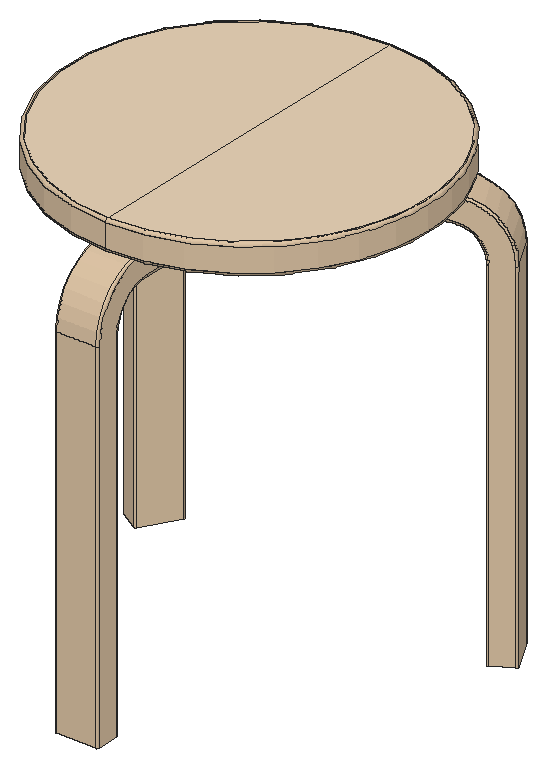
Revit family "Artek_Stools_Stool 60_Stool 60_configurable_product", category Furniture, Revit 2017
Family settings
  OmniClass Number = 23.40.20.14.14.11
  OmniClass Title = Chairs
  Work Plane-Based = No
  Always vertical = Yes
  Cut with Voids When Loaded = No
  Shared = No
  Room Calculation Point = No
Parameters (values of type "Stool 60 (configurable)")
  WarrantyStartDate [instance] = "n/a"
  WarrantyGuarantorParts = "n/a"
  WarrantyGuarantorLabor = "n/a"
  WarrantyDurationUnit = "n/a"
  WarrantyDurationParts = "n/a"
  WarrantyDurationLabor = "n/a"
  WarrantyDescription = "n/a"
  VersionDate = "12/11/2020"  # constant formula
  Version = "1"  # constant formula
  Uniclass2015Reference = "Pr_40_50_51_31"
  Uniclass2015Description = "Foot stools"
  Uniclass2 = "Pr_40_50_12_83"
  URL = "https://www.artek.fi/en/products/stool-60 "
  Type Comments = ""
  TagNumber [instance] = "n/a"
  SustainabilityPerformance = "n/a"
  Style = "n/a"
  Size = "380x380x440mm"
  Shape = "Sculptured"
  SerialNumber [instance] = "n/a"
  SeatingHeight = 440 mm
  SeatMaterial [instance] = Birch Veneer
  SeatBandMaterial [instance] = Natural Lacquered
  Revision = "1"  # constant formula
  ReplacementCost = "n/a"
  ProductInformation = "Alvar Aalto’s iconic Stool 60 is the most elemental of furniture pieces, equally suitable as a seat, a table, storage unit, or display surface. The legs are mounted directly to the underside of the round seat without the need for complicated connecting elements. Thanks to its geometry, the stool can be stacked to save space in a spiralling tower sculpture. Manufactured in 42 production steps at the A-Factory in Turku, Finland, Stool 60 is available in a wide variety of colours and finishes. Several million units of Stool 60 and its four-legged cousin, Stool E60, have been sold, making it one of the most cherished products in the history of design."
  NominalLength = 380 mm
  NominalHeight = 440 mm
  NominalDepth = 380 mm
  Name = "Stool_60"  # constant formula
  NBSReference = "45-35-20/365"
  NBSDescription = "Domestic chairs"
  ModelReference = "n/a"
  ModelNumber = "280001*"
  Material = "Wood/Fabric/Textile"
  ManufacturerURL = "https://www.artek.fi/"
  ManufacturerName = "Artek"
  Model = "Stool 60"
  Manufacturer = "Artek"
  MainColor = "Various"
  LegsMaterial [instance] = Natural Lacquered
  InstallationDate [instance] = "n/a"
  IfcExportType = "CHAIR"  # constant formula
  IfcExportAs = "IfcFurnishingElementType"  # constant formula
  Grade = "n/a"
  Finish = "Three legs and seat edge-band:\r\nSolid birch\r\nSeat core versions:\r\nSolid birch, Birch plywood\r\nSeat surface versions:\r\nBirch veneer, High-pressure laminate, Linoleum, Fabric upholstery and PU foam padding, Leather upholstery and PU foam padding, Leather upholstery"
  Features = "Stool 60 can be stacked to create a spiralling tower of design classics Made of solid birch in Finland The simple geometry of Stool 60 has an elemental power"
  ExpectedLife = "n/a"
  DurationUnit = "Years"
  Designer = "Alvar Aalto"
  Description = "Alvar Aalto’s iconic Stool 60 is the most elemental of furniture pieces, equally suitable as a seat, a table, storage unit, or display surface. The legs are mounted directly to the underside of the round seat without the need for complicated connecting elements. Thanks to its geometry, the stool can be stacked to save space in a spiralling tower sculpture. Manufactured in 42 production steps at the A-Factory in Turku, Finland, Stool 60 is available in a wide variety of colours and finishes. Several million units of Stool 60 and its four-legged cousin, Stool E60, have been sold, making it one of the most cherished products in the history of design."
  Cost = 0
  ConvergoRefNr = "n/a"
  Constituents = "n/a"
  Color = "Various"
  Collection = "Stool 60"
  CodePerformance = "n/a"
  Barcode [instance] = "n/a"
  AssetIdentifier [instance] = "n/a"
  Category = "Stools"
  Brand = "Artek"
  BIMObjectName = "Furniture_Chairs_Artek_Stool_60"  # constant formula
  Author = "Convergo AB"  # constant formula
  AssetType = "Movable"
  AccessibilityPerformance = "n/a"
Reference planes
  plane 1 "Center (Front/Back)": y = 0
  plane 2: z = 0
  plane 3 "Center (Left/Right)": x = 0
  plane 4: z = 440
  plane 5: z = 440
  plane 6: y = 193
  plane 7: y = -193
  plane 8: x = 192.5
  plane 9: x = -192.5
Forms (mm)
  Revolve 1, solid, material "Birch Veneer" <- "SeatMaterial", detail levels medium+fine
    sketch origin (0, 0, 0) x (0, 1, 0) y (0, 0, 1)
      loop
        line (190, 440) -> (18, 440) -> (18, 436) -> (190, 436) -> (190, 440)
      axis (18, 440) -> (18, 436)
    angle from 0 to 360
  Extrusion 2, solid, material "Birch Veneer" <- "SeatMaterial", detail levels coarse
    sketch origin (0, 0, 0) x (1, 0, 0) y (0, 1, 0)
      loop
        line (-192.5, 193) -> (-192.5, -193) -> (192.5, -193) -> (192.5, 193) -> (-192.5, 193)
    from 440 to 0
  Sweep 3, solid, material "Natural Lacquered" <- "LegsMaterial", detail levels medium+fine
    path origin (0, 0, 0) x (0, 1, 0) y (0, 0, 1)
      loop
        line (-168, 0) -> (-168, 351.014)
        arc (-168, 351.014) -> (-157.749, 375.763) -> (-133, 386.014) r 35
        line (-133, 386.014) -> (-55.593, 386.014)
    profile origin (0, -168, 175.507) x (0, -1, 0) y (1, 0, 0)
      loop
        arc (-0.004, -19.001) -> (0.582, -20.415) -> (1.996, -21.001) r 2
        line (1.996, -21.001) -> (22.996, -21.001)
        arc (22.996, -21.001) -> (24.41, -20.415) -> (24.996, -19.001) r 2
        line (24.996, -19.001) -> (24.996, 18.999)
        arc (24.996, 18.999) -> (24.41, 20.414) -> (22.996, 20.999) r 2
        line (22.996, 20.999) -> (1.996, 20.999)
        arc (1.996, 20.999) -> (0.582, 20.414) -> (-0.004, 18.999) r 2
        line (-0.004, 18.999) -> (-0.004, -19.001)
  Sweep 4, solid, material "Natural Lacquered" <- "LegsMaterial", detail levels medium+fine
    path origin (15.594, 27.01, 0) x (-0.866025, -0.5, 0) y (0, 0, 1)
      loop
        line (-168, 0) -> (-168, 351.014)
        arc (-168, 351.014) -> (-157.749, 375.763) -> (-133, 386.014) r 35
        line (-133, 386.014) -> (-55.593, 386.014)
    profile origin (161.086, 111.01, 175.507) x (0.866025, 0.5, 0) y (-0.5, 0.866025, 0)
      loop
        arc (-0.004, -19.001) -> (0.582, -20.415) -> (1.996, -21.001) r 2
        line (1.996, -21.001) -> (22.996, -21.001)
        arc (22.996, -21.001) -> (24.41, -20.415) -> (24.996, -19.001) r 2
        line (24.996, -19.001) -> (24.996, 18.999)
        arc (24.996, 18.999) -> (24.41, 20.414) -> (22.996, 20.999) r 2
        line (22.996, 20.999) -> (1.996, 20.999)
        arc (1.996, 20.999) -> (0.582, 20.414) -> (-0.004, 18.999) r 2
        line (-0.004, 18.999) -> (-0.004, -19.001)
  Sweep 5, solid, material "Natural Lacquered" <- "LegsMaterial", detail levels medium+fine
    path origin (-15.594, 27.01, 0) x (0.866025, -0.5, 0) y (0, 0, 1)
      loop
        line (-168, 0) -> (-168, 351.014)
        arc (-168, 351.014) -> (-157.749, 375.763) -> (-133, 386.014) r 35
        line (-133, 386.014) -> (-55.593, 386.014)
    profile origin (-161.086, 111.01, 175.507) x (-0.866025, 0.5, 0) y (-0.5, -0.866025, 0)
      loop
        arc (-0.004, -19.001) -> (0.582, -20.415) -> (1.996, -21.001) r 2
        line (1.996, -21.001) -> (22.996, -21.001)
        arc (22.996, -21.001) -> (24.41, -20.415) -> (24.996, -19.001) r 2
        line (24.996, -19.001) -> (24.996, 18.999)
        arc (24.996, 18.999) -> (24.41, 20.414) -> (22.996, 20.999) r 2
        line (22.996, 20.999) -> (1.996, 20.999)
        arc (1.996, 20.999) -> (0.582, 20.414) -> (-0.004, 18.999) r 2
        line (-0.004, 18.999) -> (-0.004, -19.001)
  Revolve 6, solid, material "Natural Lacquered" <- "SeatBandMaterial", detail levels medium+fine
    sketch origin (0, 0, 0) x (0, 1, 0) y (0, 0, 1)
      loop
        line (18, 436) -> (18, 411.014) -> (190, 411.014)
        arc (190, 411.014) -> (192.121, 411.893) -> (193, 414.014) r 3
        line (193, 414.014) -> (193, 437)
        arc (193, 437) -> (192.121, 439.121) -> (190, 440) r 3
        line (190, 440) -> (190, 436) -> (18, 436)
      axis (18, 440) -> (18, 411.014)
    angle from 0 to 360
Lines and regions (mm)
  symbolic lines, detail levels medium+fine
    curve 1: line (0, 0, 440) -> (-171.58, 0, 440)
    curve 3: line (-174.58, 0, 437) -> (-174.58, 0, 414)
    curve 4: line (-0.001, 0, 0) -> (-21.001, 0, 0)
    curve 5: line (-21.001, 0, 0) -> (-21.001, 0, 411)
    curve 6: line (-51.198, 0, 411) -> (-51.198, 0, 386.804)
    curve 7: line (-51.198, 0, 386.804) -> (-74.775, 0, 386.804)
    curve 10: line (-147.349, 0, 336.268) -> (-147.349, 0, 0)
    curve 11: line (-190, 0, 0) -> (-147.349, 0, 0)
    curve 12: line (-190, 0, 336) -> (-190, 0, 0)
    curve 14: line (-104.048, 0, 386.804) -> (-74.775, 0, 386.804)
    curve 15: line (-144.801, 0, 411) -> (-171.58, 0, 411)
    curve 18: line (-21.001, 0, 411) -> (-51.198, 0, 411)
    curve 19: line (0, 0, 440) -> (0, 190, 440)
    curve 20: line (0, 193, 437) -> (0, 193, 414.014)
    curve 21: arc (0, 190, 440) -> (0, 192.121, 439.121) -> (0, 193, 437) r 3
    curve 22: arc (0, 193, 414.014) -> (0, 192.121, 411.893) -> (0, 190, 411.014) r 3
    curve 23: line (0, 190, 411.014) -> (0, 112.659, 411.014)
    curve 24: line (0, 0, 440) -> (0, -154.082, 440)
    curve 25: line (0, 0, 411.014) -> (0, -55.593, 411.014)
    curve 26: line (0, -157.082, 437) -> (0, -157.082, 414.033)
    curve 27: line (0, 32.919, 386.8) -> (0, 68.559, 386.8)
    curve 28: line (0, 32.919, 386.8) -> (0, 32.919, 411.014)
    curve 29: line (0, 138.153, 0) -> (0, 138.153, 332.425)
    curve 31: line (0, 89.094, 0) -> (0, 89.094, 332.546)
    curve 32: line (0, 89.094, 0) -> (0, 102.77, 0)
    curve 33: line (0, -133, 386.014) -> (0, -55.593, 386.014)
    curve 34: arc (0, -168, 351.014) -> (0, -157.749, 375.763) -> (0, -133, 386.014) r 35
    curve 35: line (0, -168, 0) -> (0, -168, 351.014)
    curve 36: line (0, -193, 351.014) -> (0, -193, 0)
    curve 37: line (0, -193, 0) -> (0, -168, 0)
    curve 41: line (0, -133, 411.033) -> (0, -154.082, 411.033)
    curve 42: line (0, 32.919, 411.014) -> (0, 0, 411.014)
    curve 43: line (0, 102.77, 0) -> (0, 138.153, 0)
    curve 44: arc (0, -154.082, 440) -> (0, -156.203, 439.121) -> (0, -157.082, 437) r 3
    curve 45: arc (0, -157.082, 414.033) -> (0, -156.203, 411.912) -> (0, -154.082, 411.033) r 3
    curve 46: arc (0, 138.153, 332.425) -> (0, 137.011, 354.91) -> (0, 133.597, 377.163) r 221.937
    curve 47: arc (0, 133.597, 377.163) -> (0, 131.095, 386.524) -> (0, 127.521, 395.531) r 83.229
    curve 48: arc (0, 127.521, 395.531) -> (0, 121.375, 404.506) -> (0, 112.659, 411.014) r 33.214
    curve 52: arc (0, 89.094, 332.546) -> (0, 87.908, 352.961) -> (0, 84.363, 373.1) r 176.178
    curve 53: arc (0, 84.363, 373.1) -> (0, 83.945, 374.682) -> (0, 83.445, 376.241) r 31.302
    curve 54: arc (0, 83.445, 376.241) -> (0, 77.684, 383.892) -> (0, 68.559, 386.8) r 15.772
    curve 55: arc (-174.58, 0, 437) -> (-173.701, 0, 439.121) -> (-171.58, 0, 440) r 3
    curve 56: arc (-174.58, 0, 414) -> (-173.701, 0, 411.879) -> (-171.58, 0, 411) r 3
    curve 57: arc (-181.521, 0, 381.7) -> (-187.862, 0, 359.24) -> (-190, 0, 336) r 127.394
    curve 58: arc (-157.715, 0, 407.6) -> (-172.084, 0, 396.917) -> (-181.521, 0, 381.7) r 47.854
    curve 59: arc (-144.801, 0, 411) -> (-151.423, 0, 409.927) -> (-157.715, 0, 407.6) r 34.691
    curve 62: arc (-140.008, 0, 371.6) -> (-145.495, 0, 354.311) -> (-147.349, 0, 336.268) r 88.693
    curve 63: arc (-121.527, 0, 386.804) -> (-132.598, 0, 381.427) -> (-140.008, 0, 371.6) r 26.284
    curve 65: line (-121.527, 0, 386.804) -> (-104.048, 0, 386.804)
    curve 66: line (0, 0, 440) -> (171.58, 0, 440)
    curve 68: line (174.58, 0, 437) -> (174.58, 0, 414)
    curve 69: line (-0.001, 0, 0) -> (21.001, 0, 0)
    curve 70: line (21.001, 0, 0) -> (21.001, 0, 411)
    curve 71: line (51.198, 0, 411) -> (51.198, 0, 386.804)
    curve 72: line (51.198, 0, 386.804) -> (74.775, 0, 386.804)
    curve 75: line (147.349, 0, 336.268) -> (147.349, 0, 0)
    curve 76: line (190, 0, 0) -> (147.349, 0, 0)
    curve 77: line (190, 0, 336) -> (190, 0, 0)
    curve 79: line (104.048, 0, 386.804) -> (74.775, 0, 386.804)
    curve 80: line (144.801, 0, 411) -> (171.58, 0, 411)
    curve 83: line (21.001, 0, 411) -> (51.198, 0, 411)
    curve 84: arc (174.58, 0, 437) -> (173.701, 0, 439.121) -> (171.58, 0, 440) r 3
    curve 85: arc (174.58, 0, 414) -> (173.701, 0, 411.879) -> (171.58, 0, 411) r 3
    curve 86: arc (181.521, 0, 381.7) -> (187.862, 0, 359.24) -> (190, 0, 336) r 127.394
    curve 87: arc (157.715, 0, 407.6) -> (172.084, 0, 396.917) -> (181.521, 0, 381.7) r 47.854
    curve 88: arc (144.801, 0, 411) -> (151.423, 0, 409.927) -> (157.715, 0, 407.6) r 34.691
    curve 91: arc (140.008, 0, 371.6) -> (145.495, 0, 354.311) -> (147.349, 0, 336.268) r 88.693
    curve 92: arc (121.527, 0, 386.804) -> (132.598, 0, 381.427) -> (140.008, 0, 371.6) r 26.284
    curve 94: line (121.527, 0, 386.804) -> (104.048, 0, 386.804)
    curve 95: arc (-160.983, 86.632, 0) -> (-151.524, -69.546, 0) -> (-20.939, -155.736, 0) r 175
    curve 96: line (192.2, 107.119, 0) -> (173.189, 140.022, 0)
    curve 97: line (170.456, 140.753, 0) -> (139.923, 123.11, 0)
    curve 98: line (160.935, 86.744, 0) -> (191.469, 104.387, 0)
    curve 99: line (-139.996, 123.012, 0) -> (-170.569, 140.649, 0)
    curve 100: line (-191.529, 104.253, 0) -> (-160.983, 86.632, 0)
    curve 101: line (-173.258, 139.928, 0) -> (-192.262, 106.985, 0)
    curve 102: line (-20.939, -155.736, 0) -> (-20.927, -191.001, 0)
    curve 103: line (-18.926, -193, 0) -> (19.074, -192.987, 0)
    curve 104: line (21.073, -190.986, 0) -> (21.061, -155.721, 0)
    curve 105: arc (-170.569, 140.649, 0) -> (-172.063, 140.845, 0) -> (-173.258, 139.928, 0) r 1.969
    curve 106: arc (-192.262, 106.985, 0) -> (-192.462, 105.467, 0) -> (-191.529, 104.253, 0) r 2
    curve 107: arc (170.456, 140.753, 0) -> (171.974, 140.953, 0) -> (173.189, 140.022, 0) r 2
    curve 108: arc (192.2, 107.119, 0) -> (192.401, 105.602, 0) -> (191.469, 104.387, 0) r 2
    curve 109: arc (-20.927, -191.001, 0) -> (-20.341, -192.415, 0) -> (-18.926, -193, 0) r 2
    curve 110: arc (19.074, -192.987, 0) -> (20.488, -192.4, 0) -> (21.073, -190.986, 0) r 2
    curve 112: arc (139.923, 123.11, 0) -> (-0.061, 193.007, 0) -> (-139.996, 123.012, 0) r 175
    curve 115: arc (21.061, -155.721, 0) -> (151.585, -69.44, 0) -> (160.935, 86.744, 0) r 175
    curve 117: arc (0, -193, 351.014) -> (0, -175.426, 393.441) -> (0, -133, 411.014) r 60
  symbolic lines, detail levels fine
    curve 2: line (-0.001, 0, 411) -> (-21.001, 0, 411)
    curve 8: line (-74.775, 0, 386.804) -> (-74.775, 0, 411)
    curve 9: line (-168.349, 0, 0) -> (-168.349, 0, 336.804)
    curve 13: line (-141.47, 0, 386.804) -> (-121.527, 0, 386.804)
    curve 16: line (-74.775, 0, 411) -> (-144.801, 0, 411)
    curve 17: line (-51.198, 0, 411) -> (-74.775, 0, 411)
    curve 30: line (0, 102.77, 336) -> (0, 102.77, 0)
    curve 38: line (0, 115.687, 411.014) -> (0, 79.771, 411.014)
    curve 39: line (0, 79.771, 411.014) -> (0, 32.919, 411.014)
    curve 40: line (0, -55.593, 411.014) -> (0, -133, 411.014)
    curve 49: arc (0, 98.063, 381.9) -> (0, 101.59, 359.07) -> (0, 102.77, 336) r 226.15
    curve 50: arc (0, 84.394, 407.8) -> (0, 93.062, 395.817) -> (0, 98.063, 381.9) r 52.76
    curve 51: arc (0, 79.033, 411.014) -> (0, 81.927, 409.763) -> (0, 84.394, 407.8) r 11.985
    curve 60: arc (-168.349, 0, 336.804) -> (-167.571, 0, 349.646) -> (-165.246, 0, 362.3) r 106.289
    curve 61: arc (-165.246, 0, 362.3) -> (-162.594, 0, 370.155) -> (-158.675, 0, 377.46) r 49.77
    curve 64: arc (-158.675, 0, 377.46) -> (-151.259, 0, 384.317) -> (-141.47, 0, 386.804) r 20.513
    curve 67: line (-0.001, 0, 411) -> (21.001, 0, 411)
    curve 73: line (74.775, 0, 386.804) -> (74.775, 0, 411)
    curve 74: line (168.349, 0, 0) -> (168.349, 0, 336.804)
    curve 78: line (141.47, 0, 386.804) -> (121.527, 0, 386.804)
    curve 81: line (74.775, 0, 411) -> (144.801, 0, 411)
    curve 82: line (51.198, 0, 411) -> (74.775, 0, 411)
    curve 89: arc (168.349, 0, 336.804) -> (167.571, 0, 349.646) -> (165.246, 0, 362.3) r 106.289
    curve 90: arc (165.246, 0, 362.3) -> (162.594, 0, 370.155) -> (158.675, 0, 377.46) r 49.77
    curve 93: arc (158.675, 0, 377.46) -> (151.259, 0, 384.317) -> (141.47, 0, 386.804) r 20.513
    curve 111: arc (-139.996, 123.012, 0) -> (-151.585, 105.454, 0) -> (-160.983, 86.632, 0) r 175
    curve 113: arc (160.935, 86.744, 0) -> (151.524, 105.56, 0) -> (139.923, 123.11, 0) r 175
    curve 114: arc (-20.939, -155.736, 0) -> (0.061, -156.993, 0) -> (21.061, -155.721, 0) r 175
  symbolic lines
    curve 116: line (0, -55.593, 411.014) -> (0, -55.593, 386.014)
Dimensions and locks
  "NominalHeight": plane 4 to level
  "SeatingHeight": plane 5 to level
  aligned and locked: level to plane 2
Automatic sketch dimensions
  profile plane to Sweep 3 sketch curve = 0.004 mm
  Sweep 3 sketch curve to profile plane = 1.996 mm  (x2)
  Sweep 3 sketch curve to Sweep 3 sketch curve = 21 mm
  Sweep 3 sketch curve to Sweep 3 sketch curve = 2 mm
  Sweep 3 sketch curve to plane 3 "Center (Left/Right)" = 21.001 mm
  plane 3 "Center (Left/Right)" to Sweep 3 sketch curve = 18.999 mm  (x2)
  curve 12 to level = 0 mm
  curve 1 to plane 4 = 0 mm
  curve 5 to level = 0 mm
  curve 1 to plane 3 "Center (Left/Right)" = 0 mm
  curve 75 to level = 0 mm
  curve 3 to curve 56 = 3 mm
  curve 3 to curve 55 = 3 mm
  curve 9 to curve 11 = 21 mm
  curve 56 to curve 16 = 26.779 mm
  curve 15 to curve 59 = 2.21 mm
  curve 59 to curve 64 = 1.121 mm
  curve 64 to curve 58 = 4.617 mm
  curve 64 to curve 65 = 19.942 mm
  curve 58 to curve 61 = 19.923 mm
  curve 61 to curve 63 = 1.03 mm
  curve 63 to curve 65 = 17.479 mm
  curve 14 to curve 8 = 29.273 mm
  curve 7 to curve 57 = 12.169 mm
  curve 57 to curve 60 = 0.545 mm
  curve 60 to curve 62 = 3.404 mm
  curve 7 to curve 6 = 23.576 mm
  curve 5 to plane 3 "Center (Left/Right)" = 21.001 mm
  curve 2 to plane 3 "Center (Left/Right)" = 0.001 mm
  curve 4 to plane 3 "Center (Left/Right)" = 0.001 mm
  plane 3 "Center (Left/Right)" to curve 70 = 21.001 mm
  curve 67 to curve 82 = 30.198 mm
  curve 71 to curve 91 = 7.458 mm
  curve 91 to curve 89 = 3.404 mm
  curve 89 to curve 86 = 0.545 mm
  curve 71 to curve 73 = 23.576 mm
  curve 72 to curve 94 = 29.273 mm
  curve 94 to curve 92 = 11.851 mm
  curve 92 to curve 90 = 1.03 mm
  curve 94 to curve 94 = 17.479 mm
  curve 92 to curve 87 = 20.953 mm
  curve 87 to curve 93 = 4.617 mm
  curve 93 to curve 88 = 1.121 mm
  curve 78 to curve 81 = 3.331 mm
  curve 75 to curve 74 = 21 mm
  curve 84 to plane 4 = 3 mm
  curve 80 to curve 85 = 3 mm
  curve 77 to curve 68 = 101 mm
  curve 57 to plane 4 = 104 mm
  curve 57 to curve 10 = 0.268 mm
  curve 86 to curve 91 = 0.268 mm
  curve 62 to curve 9 = 0.536 mm
  curve 75 to curve 74 = 0.536 mm
  curve 62 to curve 61 = 14.094 mm
  curve 75 to curve 90 = 14.094 mm
  curve 90 to curve 92 = 10.768 mm
  curve 61 to curve 63 = 10.768 mm
  curve 87 to curve 91 = 7.066 mm
  curve 58 to curve 62 = 7.066 mm
  curve 58 to curve 64 = 1.758 mm
  curve 87 to curve 93 = 1.758 mm
  curve 91 to curve 88 = 4.779 mm
  curve 62 to curve 59 = 4.779 mm
  curve 88 to curve 78 = 10.425 mm
  curve 59 to curve 65 = 10.425 mm
  curve 67 to plane 4 = 29 mm
  curve 58 to curve 57 = 0 mm
  curve 61 to curve 60 = 0 mm
  curve 87 to curve 88 = 0 mm
  curve 90 to curve 93 = 0 mm
  plane 1 "Center (Front/Back)" to Extrusion 2 sketch curve = 193 mm
  Extrusion 2 sketch curve to plane 1 "Center (Front/Back)" = 193 mm
  curve 69 to curve 75 = 126.349 mm
  curve 87 to curve 84 = 13.865 mm
  curve 89 to curve 77 = 21.651 mm
  plane 3 "Center (Left/Right)" to Extrusion 2 sketch curve = 192.5 mm
  curve 17 to curve 2 = 30.198 mm
  curve 10 to curve 4 = 126.349 mm
  curve 11 to curve 9 = 21.651 mm
  Extrusion 2 sketch curve to plane 3 "Center (Left/Right)" = 192.5 mm
  Sweep 3 sketch curve to level = 0 mm
  Sweep 3 sketch curve to plane 7 = 25 mm
  Sweep 3 sketch curve to plane 4 = 88.986 mm
  Sweep 3 sketch curve to Sweep 3 sketch curve = 35 mm
  plane 1 "Center (Front/Back)" to Sweep 3 sketch curve = 55.593 mm
  curve 34 to curve 117 = 0 mm  (x2)
  curve 37 to level = 0 mm
  curve 37 to plane 7 = 0 mm
  curve 24 to plane 4 = 0 mm
  curve 19 to plane 1 "Center (Front/Back)" = 0 mm
  curve 42 to plane 1 "Center (Front/Back)" = 0 mm
  curve 32 to level = 0 mm
  curve 20 to plane 6 = 0 mm
  curve 35 to plane 7 = 25 mm
  curve 26 to plane 7 = 35.918 mm
  curve 26 to curve 45 = 3 mm
  curve 26 to curve 24 = 3 mm
  curve 41 to curve 40 = 21.082 mm
  curve 117 to curve 49 = 9.62 mm
  curve 49 to curve 52 = 36.296 mm
  curve 52 to curve 46 = 3.299 mm
  plane 1 "Center (Front/Back)" to curve 116 = 55.593 mm
  curve 28 to plane 1 "Center (Front/Back)" = 32.919 mm
  curve 27 to curve 50 = 13.482 mm
  curve 50 to curve 47 = 5.675 mm
  curve 47 to curve 53 = 1.825 mm
  curve 53 to curve 54 = 14.657 mm
  curve 54 to curve 51 = 7.205 mm
  curve 51 to curve 38 = 4.008 mm
  curve 54 to curve 31 = 20.536 mm
  curve 51 to curve 48 = 21.65 mm
  curve 31 to curve 30 = 13.676 mm
  curve 30 to curve 43 = 35.383 mm
  curve 22 to plane 6 = 3 mm
  curve 19 to plane 6 = 3 mm
  curve 29 to plane 4 = 107.575 mm
  curve 46 to curve 52 = 0.121 mm
  curve 52 to curve 49 = 3.454 mm
  curve 49 to curve 117 = 15.014 mm
  curve 31 to curve 47 = 27.84 mm
  curve 47 to curve 53 = 5.509 mm
  curve 53 to curve 54 = 5.133 mm
  curve 53 to curve 50 = 5.297 mm
  curve 48 to curve 49 = 0.394 mm
  curve 54 to curve 27 = 15.772 mm
  curve 51 to curve 51 = 11.53 mm
  curve 23 to curve 21 = 25.986 mm
  curve 117 to curve 41 = 0.019 mm
  curve 41 to curve 117 = 0 mm
  curve 51 to curve 38 = 0.738 mm
  curve 53 to curve 54 = 0 mm
  curve 50 to curve 51 = 0 mm
  curve 50 to curve 23 = 28.265 mm
  curve 48 to curve 23 = 0 mm
  curve 48 to curve 38 = 3.028 mm
  curve 47 to curve 48 = 0 mm
  curve 95 to curve 111 = 0 mm  (x2)
  curve 95 to curve 112 = 0 mm  (x2)
  curve 95 to curve 113 = 0 mm  (x2)
  curve 95 to curve 114 = 0 mm  (x2)
  curve 95 to curve 115 = 0 mm
  plane 7 to curve 109 = 0 mm
  curve 113 to plane 3 "Center (Left/Right)" = 0 mm
  curve 103 to plane 3 "Center (Left/Right)" = 18.926 mm
  curve 109 to curve 109 = 0.001 mm
  curve 102 to plane 7 = 1.999 mm
  curve 102 to curve 109 = 2 mm
  curve 102 to plane 3 "Center (Left/Right)" = 20.939 mm
  curve 99 to plane 9 = 52.504 mm
  curve 99 to plane 9 = 21.931 mm
  curve 105 to curve 99 = 0.984 mm
  curve 101 to curve 105 = 1.705 mm
  curve 106 to plane 9 = 1.97 mm
  curve 100 to plane 9 = 0.971 mm
  curve 101 to plane 9 = 0.238 mm
  curve 110 to plane 7 = 2.013 mm
  plane 3 "Center (Left/Right)" to curve 110 = 19.073 mm
  curve 103 to plane 7 = 0.013 mm
  curve 110 to curve 103 = 0.001 mm
  plane 3 "Center (Left/Right)" to curve 104 = 21.061 mm
  curve 104 to plane 7 = 2.014 mm
  curve 97 to plane 8 = 52.577 mm
  curve 98 to plane 8 = 31.565 mm
  curve 97 to plane 8 = 22.044 mm
  curve 97 to curve 107 = 1.001 mm
  curve 107 to curve 96 = 1.732 mm
  curve 108 to plane 8 = 2.031 mm
  curve 98 to plane 8 = 1.031 mm
  curve 96 to plane 8 = 0.3 mm
  curve 115 to plane 1 "Center (Front/Back)" = 18.007 mm
  curve 100 to curve 112 = 18.759 mm
  curve 113 to curve 98 = 17.643 mm
  curve 106 to curve 106 = 1.732 mm
  curve 98 to curve 108 = 1.732 mm
  curve 112 to curve 105 = 15.932 mm
  curve 97 to curve 107 = 15.911 mm
  curve 105 to curve 101 = 0.984 mm
  curve 107 to curve 96 = 1.001 mm
  curve 95 to plane 9 = 31.517 mm
  level to Sweep 4 sketch curve = 0 mm
  Sweep 4 sketch curve to plane 4 = 88.986 mm
  Sweep 4 sketch curve to Sweep 4 sketch curve = 35 mm
  Sweep 4 sketch curve to Sweep 4 sketch curve = 77.407 mm
  profile plane to Sweep 4 sketch curve = 0.004 mm
  Sweep 4 sketch curve to profile plane = 1.996 mm  (x2)
  Sweep 4 sketch curve to Sweep 4 sketch curve = 21 mm  (x2)
  Sweep 4 sketch curve to Sweep 4 sketch curve = 2 mm
  Sweep 4 sketch curve to profile plane = 21.001 mm
  profile plane to Sweep 4 sketch curve = 18.999 mm
  Sweep 5 sketch curve to level = 0 mm
  Sweep 5 sketch curve to plane 4 = 88.986 mm
  Sweep 5 sketch curve to Sweep 5 sketch curve = 35 mm
  Sweep 5 sketch curve to Sweep 5 sketch curve = 77.407 mm
  profile plane to Sweep 5 sketch curve = 0.004 mm
  Sweep 5 sketch curve to profile plane = 1.996 mm  (x2)
  Sweep 5 sketch curve to Sweep 5 sketch curve = 21 mm  (x2)
  Sweep 5 sketch curve to Sweep 5 sketch curve = 2 mm
  Sweep 5 sketch curve to profile plane = 21.001 mm
  profile plane to Sweep 5 sketch curve = 18.999 mm
  curve 109 to curve 102 = 35.265 mm
  Revolve 1 sketch curve to plane 4 = 0 mm
  Revolve 1 sketch curve to plane 6 = 3 mm
  Revolve 1 sketch curve to plane 1 "Center (Front/Back)" = 18 mm
  Revolve 1 sketch curve to Revolve 1 sketch curve = 0 mm
  Revolve 1 sketch curve to Revolve 1 sketch curve = 4.682 mm
  Revolve 1 sketch curve to Revolve 1 sketch curve = 4 mm
  Revolve 1 sketch curve to Revolve 1 sketch curve = 12.915 mm
  Revolve 6 sketch curve to plane 4 = 0 mm
  Revolve 6 sketch curve to plane 6 = 0 mm
  Revolve 6 sketch curve to plane 4 = 3 mm
  Revolve 6 sketch curve to plane 1 "Center (Front/Back)" = 18 mm
  Revolve 6 sketch curve to Revolve 6 sketch curve = 24.986 mm
  Revolve 6 sketch curve to Revolve 6 sketch curve = 0 mm  (x2)
  Revolve 6 sketch curve to Revolve 6 sketch curve = 10.014 mm
  Revolve 6 sketch curve to Revolve 6 sketch curve = 1 mm
  Revolve 6 sketch curve to Revolve 6 sketch curve = 3 mm
